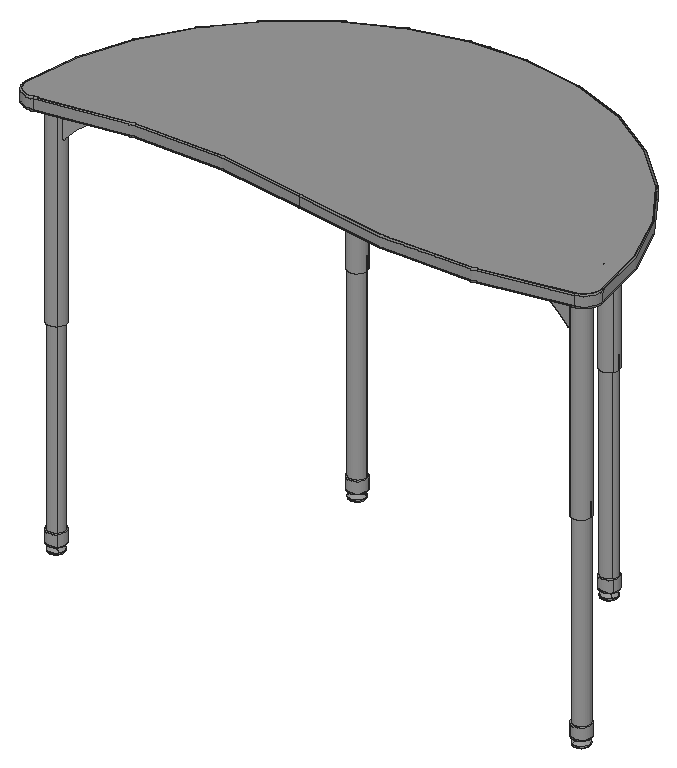
Revit family "Hierarchy Creator Half Round Table - Standing Height", category Furniture, Revit 2018
Family settings
  Work Plane-Based = No
  Always vertical = Yes
  Cut with Voids When Loaded = No
  Shared = No
  Room Calculation Point = No
Parameters
  Table Height = 3' - 5"
  Surface = Hierarchy Creator Half Round Table Standing Surface
  Leg Finish = Hierarchy Leg Platinum
  Edgeband = Hierarchy Creator Half Round Table Standing Edgeband
  Caster/Glide = Hierarchy Standing Leg - Glide : Hierarchy Standing Leg - Glide
Reference planes (in)
  plane 1 "Center (Front/Back)": y = 0
  plane 2: z = 0
  plane 3 "Center (Left/Right)": x = 0
  plane 4 "Table Height": z = 41
Dimensions and locks (in)
  "Table Height": plane 4 "Table Height" to level
  aligned and locked: plane 2 to level
  aligned and locked: nested 1 to plane 4 "Table Height"
Nested families (in)
  nested 1: "Creator Half Circle Tabletop" at (0, 0, 13.8582478), type "Creator Half Circle Tabletop"
  nested 2: "Hierarchy Standing Leg - Glide" at (-13.4182729, 11.2589245, 0) x (0.8755, 0.4833, 0) z (0, 0, 1), type <- "Caster/Glide", Leg Finish <- "Leg Finish", Leg Height <- "Table Height", type "Hierarchy Standing Leg - Glide"
  nested 3: "Hierarchy Standing Leg - Glide" at (-26.6744512, -10.3574362, 0) x (-0.7071, 0.7071, 0) z (0, 0, 1), Leg Finish <- "Leg Finish", Leg Height <- "Table Height", type "Hierarchy Standing Leg - Glide"
  nested 4: "Hierarchy Standing Leg - Glide" at (25.4066178, -8.7895954, 0) x (-0.4746, -0.8802, 0) z (0, 0, 1), Leg Finish <- "Leg Finish", Leg Height <- "Table Height", type "Hierarchy Standing Leg - Glide"
  nested 5: "Hierarchy Standing Leg - Glide" at (12.2019922, 11.2589245, 0) x (0.8755, -0.4833, 0) z (0, 0, 1), type <- "Caster/Glide", Leg Finish <- "Leg Finish", Leg Height <- "Table Height", type "Hierarchy Standing Leg - Glide"
Definition of nested family "Creator Half Circle Tabletop"
  Parameters (values of type "Creator Half Circle Tabletop")
    Surface = none
    Leg Finish = none
    Edgeband = none
  Reference planes (in)
    plane 1 "Center (Front/Back)": y = 0
    plane 2: z = 0
    plane 3 "Center (Left/Right)": x = 0
  Forms (in)
    Extrusion 1, solid, material <- "Surface"
      sketch origin (0, 25, 0) x (1, 0, 0) y (0, 1, 0)
        loop
          arc (-29.0328012, -36.1313963) -> (-28.3962445, -37.52084) -> (-26.9001698, -37.8331198) r 1.6949594
          arc (-26.9001698, -37.8331198) -> (-13.7764563, -35.8814433) -> (-0.5518813, -36.9545294) r 58.1675753
          arc (-0.5518813, -36.9545294) -> (13.0065994, -37.9980836) -> (26.4313092, -35.8304646) r 57.5369656
          arc (26.4313092, -35.8304646) -> (27.372725, -35.1432732) -> (27.6454918, -34.0100945) r 1.6902204
          arc (27.6454918, -34.0100945) -> (18.4487341, -16.1675147) -> (-0.2323556, -8.8221155) r 28.481814
          arc (-0.2323556, -8.8221155) -> (-20.1964424, -16.609089) -> (-29.0328012, -36.1313963) r 28.3942762
      from 27.1417522 to 28.3917532
    Sweep 2, solid, material <- "Edgeband"
      path in 3D
        loop
          arc (-0.5518813, -11.9545294, 28.3917532) -> (-13.7764563, -10.8814433, 28.3917532) -> (-26.9001698, -12.8331198, 28.3917532) r 58.1675753
          arc (-26.9001698, -12.8331198, 28.3917532) -> (-28.3962445, -12.52084, 28.3917532) -> (-29.0328012, -11.1313963, 28.3917532) r 1.6949594
          arc (-29.0328012, -11.1313963, 28.3917532) -> (-20.1964424, 8.390911, 28.3917532) -> (-0.2323556, 16.1778845, 28.3917532) r 28.3942762
          arc (-0.2323556, 16.1778845, 28.3917532) -> (18.4487341, 8.8324853, 28.3917532) -> (27.6454918, -9.0100945, 28.3917532) r 28.481814
          arc (27.6454918, -9.0100945, 28.3917532) -> (27.372725, -10.1432732, 28.3917532) -> (26.4313092, -10.8304646, 28.3917532) r 1.6902204
          arc (26.4313092, -10.8304646, 28.3917532) -> (13.0065994, -12.9980836, 28.3917532) -> (-0.5518813, -11.9545294, 28.3917532) r 57.5369656
      profile origin (13.0065994, -12.9980836, 28.3917532) x (0.041622, -0.999133, 0) y (0, 0, 1)
        loop
          arc (0, -1.250001) -> (0.0953745, -1.2104955) -> (0.13488, -1.115121) r 0.13488
          line (0.13488, -1.115121) -> (0.13488, -0.13488)
          arc (0.13488, -0.13488) -> (0.0953745, -0.0395054) -> (0, 0) r 0.13488
          line (0, 0) -> (0, -1.250001)
    Extrusion 3, solid, material <- "Leg Finish"
      sketch origin (0, 0, 0) x (1, 0, 0) y (0, 1, 0)
        loop
          line (21, -2.9296196) -> (-22.25, -2.9296196) -> (-22.25, -3.9296196) -> (21, -3.9296196) -> (21, -2.9296196)
      from 26.1417522 to 27.1417522
  Lines and regions (in)
    sketch lines
      curve 1: arc (26.4313092, -10.8304646, 28.3917532) -> (13.0065994, -12.9980836, 28.3917532) -> (-0.5518813, -11.9545294, 28.3917532) r 57.5369656
      curve 2: arc (-0.5518813, -11.9545294, 28.3917532) -> (-13.7764563, -10.8814433, 28.3917532) -> (-26.9001698, -12.8331198, 28.3917532) r 58.1675753
      curve 3: arc (-26.9001698, -12.8331198, 28.3917532) -> (-28.3962445, -12.52084, 28.3917532) -> (-29.0328012, -11.1313963, 28.3917532) r 1.6949594
      curve 4: arc (-29.0328012, -11.1313963, 28.3917532) -> (-20.1964424, 8.390911, 28.3917532) -> (-0.2323556, 16.1778845, 28.3917532) r 28.3942762
      curve 5: arc (-0.2323556, 16.1778845, 28.3917532) -> (18.4487341, 8.8324853, 28.3917532) -> (27.6454918, -9.0100945, 28.3917532) r 28.481814
      curve 6: arc (27.6454918, -9.0100945, 28.3917532) -> (27.372725, -10.1432732, 28.3917532) -> (26.4313092, -10.8304646, 28.3917532) r 1.6902204
  Dimensions and locks (in)
    aligned and locked: plane 2 to level
Definition of nested family "Hierarchy Standing Leg - Glide"
  Parameters (values of type "Hierarchy Standing Leg - Glide")
    Leg Finish [instance] = none
    Leg Height [instance] = 3' - 5"
  Reference planes (in)
    plane 1 "Center (Front/Back)": y = 0
    plane 2: z = 0
    plane 3 "Center (Left/Right)": x = 0
  Forms (in)
    Extrusion 1, solid
      sketch origin (-0.015625, 0, 0) x (1, 0, 0) y (0, 1, 0)
        loop
          circle (0.015625, 0) r 0.791468
      from 2 to 23.175
    Revolve 2, solid
      sketch origin (0, 0, 0) x (1, 0, 0) y (0, 0, 1)
        loop
          line (0, 2) -> (0, 0.7493718) -> (0.8483817, 0.7493718)
          arc (0.8483817, 0.7493718) -> (0.8934195, 0.768027) -> (0.9120748, 0.8130649) r 0.0636931
          line (0.9120748, 0.8130649) -> (0.9120748, 1.9363069)
          arc (0.9120748, 1.9363069) -> (0.8934195, 1.9813447) -> (0.8483817, 2) r 0.0636931
          line (0.8483817, 2) -> (0, 2)
        axis (0, 2) -> (0, 0.7493718)
      angle from 0 to 360
    Revolve 3, solid
      sketch origin (0, 0, 0) x (1, 0, 0) y (0, 0, 1)
        loop
          line (0, 0.75) -> (0, 0) -> (0.7458324, 0) -> (0.791468, 0.0901286) -> (0.791468, 0.1624113) -> (0.1247431, 0.5) -> (0.1247431, 0.75) -> (0, 0.75)
        axis (0, 0.75) -> (0, 0)
      angle from 0 to 360
  Dimensions and locks (in)
    "Leg Height": nested 1 to level
    aligned and locked: plane 2 to level
  Automatic sketch dimensions
    plane 1 "Center (Front/Back)" to Extrusion 1 sketch curve = 0' - 0"
    Extrusion 1 sketch curve to plane 3 "Center (Left/Right)" = 0' - 0"
    Revolve 2 sketch curve to plane 3 "Center (Left/Right)" = 0' - 0"  (x2)
    plane 3 "Center (Left/Right)" to Revolve 2 sketch curve = 0' - 0.84838"
    Revolve 2 sketch curve to Revolve 2 sketch curve = 0' - 0.84838"
    Revolve 2 sketch curve to Revolve 2 sketch curve = 0' - 0.06369"
    level to Revolve 2 sketch curve = 0' - 0.74937"
    Revolve 2 sketch curve to Revolve 2 sketch curve = 0' - 1.12324"
    Revolve 2 sketch curve to Revolve 2 sketch curve = 0' - 0.13731"
    Revolve 2 sketch curve to Revolve 2 sketch curve = 0' - 0 3/4"
    Revolve 3 sketch curve to plane 3 "Center (Left/Right)" = 0' - 0"  (x2)
    Revolve 3 sketch curve to level = 0' - 0"
    plane 3 "Center (Left/Right)" to Revolve 3 sketch curve = 0' - 0.12474"
    plane 3 "Center (Left/Right)" to Revolve 3 sketch curve = 0' - 0.74583"
    Revolve 3 sketch curve to Revolve 3 sketch curve = 0' - 0.04564"
    level to Revolve 3 sketch curve = 0' - 0.09013"
    Revolve 3 sketch curve to Revolve 3 sketch curve = 0' - 0.07228"
    level to Revolve 3 sketch curve = 0' - 0 1/2"
    Revolve 3 sketch curve to Revolve 3 sketch curve = 0' - 0 1/4"
    Revolve 3 sketch curve to level = 0' - 0 1/8"
    Revolve 3 sketch curve to Revolve 3 sketch curve = 0' - 0 1/8"
    radius of Extrusion 1 sketch curve = 0' - 0.79147"
  Nested families (in)
    nested 1: "Hierarchy Standing Upper Leg 2023" at (0, 0, 0.1998346), Leg Finish <- "Leg Finish", type "Hierarchy Standing Upper Leg 2023"
      with Leg Finish none
  Definition of nested family "Hierarchy Standing Upper Leg 2023"
    Parameters (values of type "Hierarchy Standing Upper Leg 2023")
      Leg Finish [instance] = none
    Reference planes (in)
      plane 1 "Center (Front/Back)": y = 0
      plane 2: z = 0
      plane 3 "Center (Left/Right)": x = 0
    Forms (in)
      Extrusion 1, solid, material <- "Leg Finish"
        sketch origin (0, 0, 0) x (1, 0, 0) y (0, 1, 0)
          loop
            circle (0, 0) r 0.9128992
        from 20.6741811 to 40.6741811
      Extrusion 2, solid, material <- "Leg Finish"
        sketch origin (0, 0, 12.998) x (1, 0, 0) y (0, 1, 0)
          loop
            line (-1.7017431, 0.1918316) -> (-3.9661108, -4.497379)
            arc (-3.9661108, -4.497379) -> (-3.919774, -5.3344399) -> (-3.1861453, -5.7401575) r 0.8661417
            line (-3.1861453, -5.7401575) -> (3.1861453, -5.7401575)
            arc (3.1861453, -5.7401575) -> (3.919774, -5.3344399) -> (3.9661108, -4.497379) r 0.8661417
            line (3.9661108, -4.497379) -> (1.7017431, 0.1918316)
            arc (1.7017431, 0.1918316) -> (0, 1.2598425) -> (-1.7017431, 0.1918316) r 1.8897638
        from 27.6761811 to 27.8021654
      Extrusion 3, solid, material <- "Leg Finish"
        sketch origin (12.4196672, 1.5869239, 0) x (0.434844, 0.900506, 0) y (0, 0, 1)
          loop
            arc (-12.687756, 40.6741811) -> (-12.8055873, 40.5641837) -> (-12.7039434, 40.4390751) r 0.1181102
            arc (-12.7039434, 40.4390751) -> (-9.9819177, 39.5350942) -> (-7.7642591, 37.7161397) r 7.8740157
            arc (-7.7642591, 37.7161397) -> (-7.6334381, 37.6813559) -> (-7.5558663, 37.7922913) r 0.1181102
            line (-7.5558663, 37.7922913) -> (-7.5558663, 40.6741811) -> (-12.687756, 40.6741811)
        from -11.1097626 to -10.9837783
      Extrusion 4, solid, material <- "Leg Finish"
        sketch origin (-12.4196672, 1.5869239, 0) x (-0.434844, 0.900506, 0) y (0, 0, -1)
          loop
            line (-12.687756, -40.6741811) -> (-7.5558663, -40.6741811) -> (-7.5558663, -37.7922913)
            arc (-7.5558663, -37.7922913) -> (-7.6334381, -37.6813559) -> (-7.7642591, -37.7161397) r 0.1181102
            arc (-7.7642591, -37.7161397) -> (-9.9819177, -39.5350942) -> (-12.7039434, -40.4390751) r 7.8740157
            arc (-12.7039434, -40.4390751) -> (-12.8055873, -40.5641837) -> (-12.687756, -40.6741811) r 0.1181102
        from -11.1097626 to -10.9837783
    Dimensions and locks (in)
      aligned and locked: plane 2 to level
